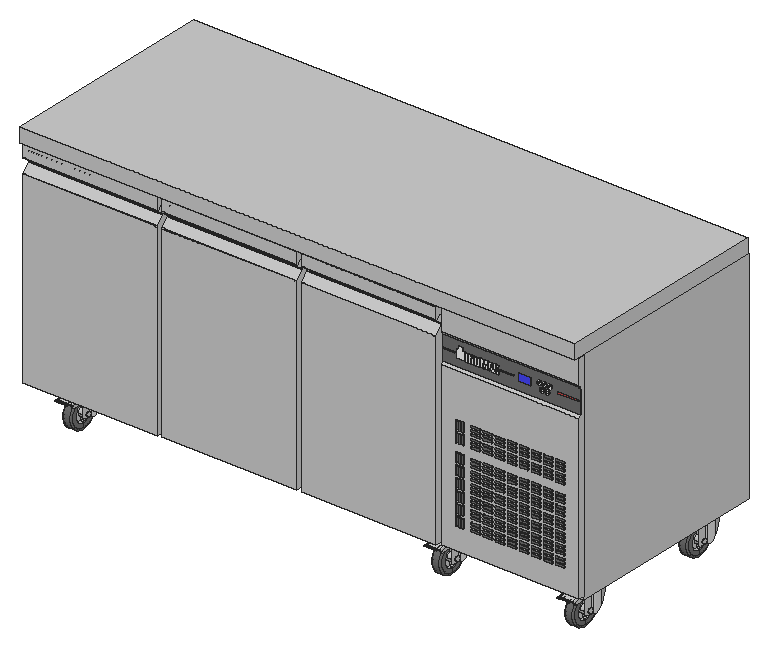
Revit family "QF_INOMAK_PNRP999_250523032323", category Specialty Equipment, Revit 2021 (continued)
Definition of nested family "QF_INOMAK_REF_COUNTERS_DOORS_DRAWERS_16430"
  Definition of nested family "4_Drawers_1-4"
    Forms (mm)
      Extrusion 1, solid, material <- "Finish", visible <- "4 Drawers"
        sketch origin (35, 0, -1) x (0, -1, 0) y (0, 0, 1)
          loop
            arc (680, 1044) -> (684.95, 1041.95) -> (687, 1037) r 7
            line (687, 1037) -> (687, 1031.988) -> (690, 1031.988) -> (690, 1037)
            arc (690, 1037) -> (687.071, 1044.071) -> (680, 1047) r 10
        from 0 to -1130
      Extrusion 2, solid, visible <- "4 Drawers", detail levels coarse
        sketch origin (0, -640.463, 826.083) x (0, 1, 0) y (-1, 0, 0)
          loop
            line (-49.537, -35) -> (-624.537, -35) -> (-624.537, -1165) -> (-49.537, -1165) -> (-49.537, -35)
        from 0 to 219.917
      Extrusion 3, solid, visible <- "4 Drawers", detail levels coarse
        sketch origin (0, -700, 154) x (-1, 0, 0) y (0, 1, 0)
          loop
            line (-35, 10) -> (-1165, 10) -> (-1165, -565) -> (-35, -565) -> (-35, 10)
        from 0 to -219.583
      Extrusion 4, solid, material <- "Finish", visible <- "4 Drawers"
        sketch origin (35, 0, -440.333) x (0, -1, 0) y (0, 0, 1)
          loop
            line (680, 813.917) -> (670, 813.917) -> (670, 594.333) -> (690, 594.333) -> (690, 757.761)
            arc (690, 757.761) -> (689.115, 763.644) -> (686.539, 769.007) r 20
            line (686.539, 769.007) -> (673, 788.917) -> (673, 810.917) -> (680, 810.917)
            arc (680, 810.917) -> (684.95, 808.866) -> (687, 803.917) r 7
            line (687, 803.917) -> (687, 798.904) -> (690, 798.904) -> (690, 803.917)
            arc (690, 803.917) -> (687.071, 810.988) -> (680, 813.917) r 10
        from 0 to -1130
      Extrusion 5, solid, material <- "Finish", visible <- "4 Drawers"
        sketch origin (35, 0, -165.333) x (0, -1, 0) y (0, 0, 1)
          loop
            line (680, 987.75) -> (670, 987.75) -> (670, 767.167) -> (690, 767.167) -> (690, 931.594)
            arc (690, 931.594) -> (689.115, 937.478) -> (686.539, 942.84) r 20
            line (686.539, 942.84) -> (673, 962.75) -> (673, 984.75) -> (680, 984.75)
            arc (680, 984.75) -> (684.95, 982.7) -> (687, 977.75) r 7
            line (687, 977.75) -> (687, 972.738) -> (690, 972.738) -> (690, 977.75)
            arc (690, 977.75) -> (687.071, 984.821) -> (680, 987.75) r 10
        from 0 to -1130
      Extrusion 6, solid, material <- "Finish", visible <- "4 Drawers"
        sketch origin (35, 0, -330.333) x (0, -1, 0) y (0, 0, 1)
          loop
            line (680, 928.5) -> (670, 928.5) -> (670, 708.25) -> (690, 708.25) -> (690, 872.344)
            arc (690, 872.344) -> (689.115, 878.228) -> (686.539, 883.59) r 20
            line (686.539, 883.59) -> (673, 903.5) -> (673, 925.5) -> (680, 925.5)
            arc (680, 925.5) -> (684.95, 923.45) -> (687, 918.5) r 7
            line (687, 918.5) -> (687, 913.488) -> (690, 913.488) -> (690, 918.5)
            arc (690, 918.5) -> (687.071, 925.571) -> (680, 928.5) r 10
        from 0 to -1130
      Extrusion 7, solid, visible <- "4 Drawers", detail levels coarse
        sketch origin (0, -500.463, 601.833) x (0, 1, 0) y (-1, 0, 0)
          loop
            line (-189.537, -35) -> (-764.537, -35) -> (-764.537, -1165) -> (-189.537, -1165) -> (-189.537, -35)
        from 0 to 220.583
      Extrusion 8, solid, visible <- "4 Drawers", detail levels coarse
        sketch origin (0, -540.463, 377.917) x (0, 1, 0) y (-1, 0, 0)
          loop
            line (-149.537, -35) -> (-724.537, -35) -> (-724.537, -1165) -> (-149.537, -1165) -> (-149.537, -35)
        from 0 to 220.25
    Lines and regions (mm)
      symbolic lines, visible <- "4 Drawers"
        curve 1: line (35, -945, 900) -> (35, -985, 900)
        curve 2: line (35, -985, 900) -> (1165, -985, 900)
        curve 3: line (1165, -985, 900) -> (1165, -945, 900)
        curve 4: line (1165, -945, 900) -> (35, -945, 900)
        curve 5: line (1135, -945, 900) -> (1135, -845, 900)
        curve 6: line (65, -945, 900) -> (65, -845, 900)
        curve 7: line (35, -1085, 900) -> (35, -1125, 900)
        curve 8: line (35, -1125, 900) -> (1165, -1125, 900)
        curve 9: line (1165, -1125, 900) -> (1165, -1085, 900)
        curve 10: line (1165, -1085, 900) -> (35, -1085, 900)
        curve 11: line (1135, -1085, 900) -> (1135, -985, 900)
        curve 12: line (65, -1085, 900) -> (65, -985, 900)
        curve 13: line (35, -1225, 900) -> (35, -1265, 900)
        curve 14: line (35, -1265, 900) -> (1165, -1265, 900)
        curve 15: line (1165, -1265, 900) -> (1165, -1225, 900)
        curve 16: line (1165, -1225, 900) -> (35, -1225, 900)
        curve 17: line (1135, -1225, 900) -> (1135, -1125, 900)
        curve 18: line (65, -1225, 900) -> (65, -1125, 900)
        curve 19: line (35, -805, 900) -> (35, -845, 900)
        curve 20: line (35, -845, 900) -> (1165, -845, 900)
        curve 21: line (1165, -845, 900) -> (1165, -805, 900)
        curve 22: line (1165, -805, 900) -> (35, -805, 900)
        curve 23: line (65, -805, 900) -> (65, -700, 900)
        curve 24: line (1135, -805, 900) -> (1135, -700, 900)
    Dimensions and locks
      "Length Actual": plane 3 "Left" to plane 4 "Right"
      "Depth Actual": plane 5 "Front" to plane 1 "Back"
      "Height Actual": plane 6 "Top" to plane 8 "Legs top"
      "Front inset": plane 7 "Front legs" to plane 5 "Front"
      "Plinth height": plane 8 "Legs top" to plane 2
      "Rear inset": plane 9 "Backsplash thickness" to plane 1 "Back"
      "Right panel thickness": plane 11 "Right panel" to plane 4 "Right"
      "Left panel thickness": plane 3 "Left" to plane 10 "Left panel"
      locked: plane 14 to plane 15 at 3.667
      equal spacing: plane 14, plane 12, plane 15
      locked: plane 23 to plane 24 at 3.667
      equal spacing: plane 23, plane 22, plane 24
      "Bottom inset": plane 20 to plane 8 "Legs top"
      equal spacing: plane 19, plane 17, plane 18
      locked: plane 19 to plane 18 at 4.333
      equal spacing: plane 21, plane 17, plane 22, plane 12, plane 16
      locked: plane 13 to plane 16 at 2.5
      "Top inset": plane 13 to plane 6 "Top"
      locked: plane 21 to plane 20 at 2.5
      aligned and locked: level to plane 2
      aligned and locked: plane 7 "Front legs" to Extrusion 1 sketch curve  (x2)
      aligned and locked: Extrusion 1 to plane 11 "Right panel"
      aligned and locked: Extrusion 1 sketch curve to plane 13
      aligned and locked: Extrusion 1 sketch curve to plane 14
      aligned and locked: plane 10 "Left panel" to curve 1
      aligned and locked: plane 10 "Left panel" to curve 7
      aligned and locked: plane 10 "Left panel" to curve 13
      aligned and locked: Extrusion 2 sketch curve to plane 10 "Left panel"
      aligned and locked: plane 11 "Right panel" to Extrusion 2 sketch curve
      aligned and locked: Extrusion 3 sketch curve to plane 10 "Left panel"
      aligned and locked: plane 11 "Right panel" to Extrusion 3 sketch curve
      aligned and locked: Extrusion 2 to plane 13
      aligned and locked: Extrusion 3 to plane 19
      aligned and locked: plane 20 to Extrusion 4 sketch curve
      aligned and locked: Extrusion 4 to plane 11 "Right panel"
      aligned and locked: Extrusion 5 sketch curve to plane 15
      aligned and locked: plane 7 "Front legs" to Extrusion 5 sketch curve
      aligned and locked: Extrusion 5 sketch curve to plane 23
      aligned and locked: Extrusion 6 sketch curve to plane 24
      aligned and locked: plane 7 "Front legs" to Extrusion 6 sketch curve
      aligned and locked: Extrusion 6 sketch curve to plane 18
      aligned and locked: Extrusion 7 to plane 15
      aligned and locked: Extrusion 8 to plane 24
      aligned and locked: Extrusion 5 to plane 11 "Right panel"
      aligned and locked: Extrusion 6 to plane 11 "Right panel"
    Automatic sketch dimensions
      Extrusion 1 sketch curve to Extrusion 1 sketch curve = 0 mm  (x2)
      plane 7 "Front legs" to Extrusion 1 sketch curve = 3 mm
      plane 7 "Front legs" to Extrusion 1 sketch curve = 3.461 mm
      plane 7 "Front legs" to Extrusion 1 sketch curve = 10 mm
      Extrusion 1 sketch curve to Extrusion 1 sketch curve = 7 mm
      plane 7 "Front legs" to Extrusion 1 sketch curve = 20 mm  (x2)
      Extrusion 1 sketch curve to Extrusion 1 sketch curve = 46.156 mm
      Extrusion 1 sketch curve to Extrusion 1 sketch curve = 15 mm
      Extrusion 1 sketch curve to Extrusion 1 sketch curve = 5.012 mm
      Extrusion 2 sketch curve to plane 7 "Front legs" = 0 mm
      Extrusion 2 sketch curve to plane 5 "Front" = 565 mm
      Extrusion 3 sketch curve to plane 7 "Front legs" = 0 mm
      Extrusion 3 sketch curve to plane 5 "Front" = 565 mm
      Extrusion 5 sketch curve to Extrusion 5 sketch curve = 0 mm  (x2)
      Extrusion 5 sketch curve to plane 7 "Front legs" = 0 mm
      plane 7 "Front legs" to Extrusion 5 sketch curve = 3 mm
      plane 7 "Front legs" to Extrusion 5 sketch curve = 3.461 mm
      plane 7 "Front legs" to Extrusion 5 sketch curve = 10 mm
      Extrusion 5 sketch curve to Extrusion 5 sketch curve = 7 mm
      plane 7 "Front legs" to Extrusion 5 sketch curve = 20 mm  (x2)
      Extrusion 5 sketch curve to Extrusion 5 sketch curve = 46.156 mm
      Extrusion 5 sketch curve to Extrusion 5 sketch curve = 15 mm
      Extrusion 5 sketch curve to Extrusion 5 sketch curve = 5.012 mm
      Extrusion 6 sketch curve to Extrusion 6 sketch curve = 0 mm  (x2)
      Extrusion 6 sketch curve to plane 7 "Front legs" = 0 mm
      plane 7 "Front legs" to Extrusion 6 sketch curve = 3 mm
      plane 7 "Front legs" to Extrusion 6 sketch curve = 3.461 mm
      plane 7 "Front legs" to Extrusion 6 sketch curve = 10 mm
      Extrusion 6 sketch curve to Extrusion 6 sketch curve = 7 mm
      plane 7 "Front legs" to Extrusion 6 sketch curve = 20 mm  (x2)
      Extrusion 6 sketch curve to Extrusion 6 sketch curve = 46.156 mm
      Extrusion 6 sketch curve to Extrusion 6 sketch curve = 15 mm
      Extrusion 6 sketch curve to Extrusion 6 sketch curve = 5.012 mm
      curve 14 to plane 11 "Right panel" = 0 mm
      curve 8 to plane 11 "Right panel" = 0 mm
      curve 2 to plane 11 "Right panel" = 0 mm
      curve 21 to plane 11 "Right panel" = 0 mm
      curve 20 to plane 10 "Left panel" = 0 mm
      curve 23 to plane 5 "Front" = 0 mm
      curve 24 to plane 5 "Front" = 0 mm
      curve 21 to plane 5 "Front" = 105 mm
      curve 20 to curve 21 = 40 mm
      curve 3 to curve 20 = 100 mm
      curve 3 to curve 3 = 40 mm
      curve 10 to curve 1 = 100 mm
      curve 9 to curve 9 = 40 mm
      curve 15 to curve 8 = 100 mm
      curve 15 to curve 15 = 40 mm
      plane 11 "Right panel" to curve 24 = 30 mm
      curve 8 to curve 17 = 30 mm
      curve 11 to curve 17 = 0 mm
      curve 23 to plane 10 "Left panel" = 30 mm
      curve 12 to curve 6 = 0 mm
      curve 18 to curve 12 = 0 mm
      Extrusion 4 sketch curve to Extrusion 4 sketch curve = 0 mm  (x2)
      plane 19 to Extrusion 4 sketch curve = 0 mm
      Extrusion 4 sketch curve to plane 7 "Front legs" = 0 mm  (x2)
      plane 7 "Front legs" to Extrusion 4 sketch curve = 3 mm
      plane 7 "Front legs" to Extrusion 4 sketch curve = 3.461 mm
      plane 7 "Front legs" to Extrusion 4 sketch curve = 10 mm
      Extrusion 4 sketch curve to Extrusion 4 sketch curve = 7 mm
      plane 7 "Front legs" to Extrusion 4 sketch curve = 20 mm  (x2)
      Extrusion 4 sketch curve to Extrusion 4 sketch curve = 46.156 mm
      Extrusion 4 sketch curve to Extrusion 4 sketch curve = 15 mm
      Extrusion 4 sketch curve to Extrusion 4 sketch curve = 5.012 mm
      Extrusion 7 sketch curve to plane 10 "Left panel" = 0 mm
      Extrusion 7 sketch curve to plane 11 "Right panel" = 0 mm
      Extrusion 7 sketch curve to plane 7 "Front legs" = 0 mm
      Extrusion 7 sketch curve to plane 5 "Front" = 565 mm
      Extrusion 8 sketch curve to plane 10 "Left panel" = 0 mm
      Extrusion 8 sketch curve to plane 11 "Right panel" = 0 mm
      Extrusion 8 sketch curve to plane 7 "Front legs" = 0 mm
      Extrusion 8 sketch curve to plane 5 "Front" = 565 mm
      curve 6 to plane 10 "Left panel" = 30 mm
      curve 5 to curve 24 = 0 mm
  Definition of nested family "Hinged_Doors"
    Parameters (values of type "Hinged doors")
      URL = "www.specifiglobal.com"
      Top inset [instance] = 4 mm
      Right panel thickness [instance] = 35 mm
      Rear inset [instance] = 10 mm
      Plinth height [instance] = 150 mm
      Model = ""
      Manufacturer = "DEMO CONSULTANT"
      Length Actual [instance] = 1200 mm
      Left panel thickness [instance] = 35 mm
      Hinged doors [instance] = Doors drawers type = 3  # yes
      Height Actual [instance] = 900 mm
      Front inset [instance] = 10 mm
      Finish [instance] = none
      Doors drawers type [instance] = 3
      Description = ""
      Depth Actual [instance] = 700 mm
      Default Elevation = 0 mm
      Bottom inset [instance] = 4 mm
      Assembly Code = "E1090320"
    Reference planes
      plane 1 "Back": y = 0
      plane 2: z = 0
      plane 3 "Left": x = 0
      plane 4 "Right": x = 1200
      plane 5 "Front": y = -700
      plane 6 "Top": z = 1050
      plane 7 "Front legs": y = -690
      plane 8 "Legs top": z = 150
      plane 9 "Backsplash thickness": y = -10
      plane 10: x = 35
      plane 11: x = 1165
      plane 12 "Center Left-Right": x = 600
      plane 13: x = 597.5
      plane 14: x = 602.5
      plane 15: z = 154
      plane 16: z = 1046
    Forms (mm)
      Extrusion 1, solid, material <- "Finish", visible <- "Hinged doors"
        sketch origin (35, -2307.849, 4000) x (0, -1, 0) y (0, 0, 1)
          loop
            line (-1627.849, -2954) -> (-1637.849, -2954) -> (-1637.849, -3846) -> (-1617.849, -3846) -> (-1617.849, -3010.156)
            arc (-1617.849, -3010.156) -> (-1618.734, -3004.272) -> (-1621.31, -2998.91) r 20
            line (-1621.31, -2998.91) -> (-1634.849, -2979) -> (-1634.849, -2957) -> (-1627.849, -2957)
            arc (-1627.849, -2957) -> (-1622.899, -2959.05) -> (-1620.849, -2964) r 7
            line (-1620.849, -2964) -> (-1620.849, -2969.012) -> (-1617.849, -2969.012) -> (-1617.849, -2964)
            arc (-1617.849, -2964) -> (-1620.778, -2956.929) -> (-1627.849, -2954) r 10
        from 0 to -562.5
      Extrusion 2, solid, visible <- "Hinged doors", detail levels coarse
        sketch origin (0, -700, 154) x (-1, 0, 0) y (0, 1, 0)
          loop
            line (-35, 10) -> (-597.5, 10)
            arc (-597.5, 10) -> (-432.748, -387.748) -> (-35, -552.5) r 562.5
            line (-35, -552.5) -> (-35, 10)
        from 0 to -892
      Extrusion 3, solid, material <- "Finish", visible <- "Hinged doors"
        sketch origin (1165, -2312.576, 4000) x (0, -1, 0) y (0, 0, 1)
          loop
            line (-1632.576, -2954) -> (-1642.576, -2954) -> (-1642.576, -3846) -> (-1622.576, -3846) -> (-1622.576, -3010.156)
            arc (-1622.576, -3010.156) -> (-1623.46, -3004.272) -> (-1626.037, -2998.91) r 20
            line (-1626.037, -2998.91) -> (-1639.576, -2979) -> (-1639.576, -2957) -> (-1632.576, -2957)
            arc (-1632.576, -2957) -> (-1627.626, -2959.05) -> (-1625.576, -2964) r 7
            line (-1625.576, -2964) -> (-1625.576, -2969.012) -> (-1622.576, -2969.012) -> (-1622.576, -2964)
            arc (-1622.576, -2964) -> (-1625.504, -2956.929) -> (-1632.576, -2954) r 10
        from 0 to 562.5
      Extrusion 4, solid, visible <- "Hinged doors", detail levels coarse
        sketch origin (0, -700, 154) x (-1, 0, 0) y (0, 1, 0)
          loop
            line (-1165, 10) -> (-1165, -552.5)
            arc (-1165, -552.5) -> (-767.252, -387.748) -> (-602.5, 10) r 562.5
            line (-602.5, 10) -> (-1165, 10)
        from 0 to -892
    Lines and regions (mm)
      symbolic lines, visible <- "Hinged doors"
        curve 1: line (35, -700, 150) -> (35, -1252.5, 150)
        curve 2: arc (35, -1252.5, 150) -> (429.196, -1091.268, 150) -> (597.411, -700, 150) r 562.5
        curve 3: arc (602.589, -700, 150) -> (770.804, -1091.268, 150) -> (1165, -1252.5, 150) r 562.5
        curve 4: line (1165, -1252.5, 150) -> (1165, -700, 150)
    Dimensions and locks
      "Length Actual": plane 3 "Left" to plane 4 "Right"
      "Depth Actual": plane 5 "Front" to plane 1 "Back"
      "Height Actual": plane 6 "Top" to plane 8 "Legs top"
      "Front inset": plane 7 "Front legs" to plane 5 "Front"
      "Plinth height": plane 8 "Legs top" to plane 2
      "Rear inset": plane 9 "Backsplash thickness" to plane 1 "Back"
      "Right panel thickness": plane 11 to plane 4 "Right"
      "Left panel thickness": plane 3 "Left" to plane 10
      equal spacing: plane 10, plane 12 "Center Left-Right", plane 11
      plane 13 to plane 12 "Center Left-Right" = 2.5 mm
      plane 12 "Center Left-Right" to plane 14 = 2.5 mm
      "Bottom inset": plane 15 to plane 8 "Legs top"
      "Top inset": plane 16 to plane 6 "Top"
      aligned and locked: level to plane 2
      aligned and locked: Extrusion 1 to plane 13
      aligned and locked: plane 10 to Extrusion 2 sketch curve
      aligned and locked: plane 13 to Extrusion 2 sketch curve
      aligned and locked: plane 7 "Front legs" to Extrusion 2 sketch curve  (x2)
      aligned and locked: plane 14 to Extrusion 3
      aligned and locked: Extrusion 2 to curve 1
      aligned and locked: curve 2 to Extrusion 2
      aligned and locked: curve 3 to Extrusion 4
      aligned and locked: curve 4 to Extrusion 4
      aligned and locked: plane 5 "Front" to curve 1
      aligned and locked: plane 5 "Front" to curve 2
      aligned and locked: plane 5 "Front" to curve 3
      aligned and locked: plane 5 "Front" to curve 4
      aligned and locked: Extrusion 4 to plane 16
      aligned and locked: Extrusion 2 to plane 16
      aligned and locked: Extrusion 1 sketch curve to plane 16
      aligned and locked: Extrusion 1 sketch curve to plane 15
      aligned and locked: Extrusion 3 sketch curve to plane 15
      aligned and locked: Extrusion 3 sketch curve to plane 16
    Automatic sketch dimensions
      Extrusion 1 sketch curve to Extrusion 1 sketch curve = 0 mm  (x2)
      Extrusion 1 sketch curve to plane 7 "Front legs" = 0 mm  (x2)
      plane 7 "Front legs" to Extrusion 1 sketch curve = 3 mm
      plane 7 "Front legs" to Extrusion 1 sketch curve = 3.461 mm
      plane 7 "Front legs" to Extrusion 1 sketch curve = 10 mm
      Extrusion 1 sketch curve to Extrusion 1 sketch curve = 7 mm
      plane 7 "Front legs" to Extrusion 1 sketch curve = 20 mm  (x2)
      Extrusion 1 sketch curve to Extrusion 1 sketch curve = 46.156 mm
      Extrusion 1 sketch curve to Extrusion 1 sketch curve = 15 mm
      Extrusion 1 sketch curve to Extrusion 1 sketch curve = 5.012 mm
      Extrusion 3 sketch curve to Extrusion 3 sketch curve = 0 mm  (x2)
      Extrusion 3 sketch curve to plane 7 "Front legs" = 0 mm  (x2)
      Extrusion 3 sketch curve to Extrusion 3 sketch curve = 3 mm
      plane 7 "Front legs" to Extrusion 3 sketch curve = 3.461 mm
      plane 7 "Front legs" to Extrusion 3 sketch curve = 10 mm
      Extrusion 3 sketch curve to Extrusion 3 sketch curve = 7 mm
      Extrusion 3 sketch curve to Extrusion 3 sketch curve = 16.539 mm
      Extrusion 3 sketch curve to Extrusion 3 sketch curve = 20 mm
      Extrusion 3 sketch curve to Extrusion 3 sketch curve = 46.156 mm
      Extrusion 3 sketch curve to Extrusion 3 sketch curve = 15 mm
      Extrusion 3 sketch curve to Extrusion 3 sketch curve = 5.012 mm
      Extrusion 4 sketch curve to plane 11 = 0 mm
      Extrusion 4 sketch curve to plane 7 "Front legs" = 0 mm
      Extrusion 4 sketch curve to plane 14 = 0 mm
  Definition of nested family "Hopper"
    Parameters (values of type "Hopper")
      URL = "www.specifiglobal.com"
      Top inset [instance] = 4 mm
      Right panel thickness [instance] = 35 mm
      Rear inset [instance] = 10 mm
      Plinth height [instance] = 150 mm
      Model = ""
      Manufacturer = "DEMO CONSULTANT"
      Length Actual [instance] = 700 mm
      Left panel thickness [instance] = 35 mm
      Hopper [instance] = Doors drawers type = 10  # yes
      Height Actual [instance] = 900 mm
      Front inset [instance] = 10 mm
      Finish [instance] = none
      Doors drawers type [instance] = 10
      Description = ""
      Depth Actual [instance] = 700 mm
      Default Elevation = 0 mm
      Bottom inset [instance] = 4 mm
      Assembly Code = "E1090320"
      2 Drawers = yes
    Reference planes
      plane 1 "Back": y = 0
      plane 2: z = 0
      plane 3 "Left": x = 0
      plane 4 "Right": x = 700
      plane 5 "Front": y = -700
      plane 6 "Top": z = 1050
      plane 7 "Front legs": y = -690
      plane 8 "Legs top": z = 150
      plane 9 "Backsplash thickness": y = -10
      plane 10 "Left panel": x = 35
      plane 11 "Right panel": x = 665
      plane 12: z = 1046
      plane 13: z = 154
    Forms (mm)
      Extrusion 1, solid, material <- "Finish", visible <- "Hopper"
        sketch origin (35, 0, 0) x (0, -1, 0) y (0, 0, 1)
          loop
            line (690, 154) -> (690, 960.365)
            arc (690, 960.365) -> (689.866, 961.037) -> (689.485, 961.607) r 1.757
            line (689.485, 961.607) -> (666.663, 984.429)
            arc (666.663, 984.429) -> (665.976, 985.458) -> (665.734, 986.672) r 3.172
            line (665.734, 986.672) -> (665.734, 1013.576)
            arc (665.734, 1013.576) -> (666.433, 1015.262) -> (668.119, 1015.961) r 2.385
            line (668.119, 1015.961) -> (680.029, 1015.961) -> (686.544, 1006.657)
            arc (686.544, 1006.657) -> (688.671, 1005.935) -> (690, 1007.747) r 1.9
            line (690, 1007.747) -> (690, 1046) -> (648, 1046) -> (648, 154) -> (690, 154)
        from 0 to -630
      Extrusion 2, solid, visible <- "Hopper", detail levels coarse
        sketch origin (35, 0, 0) x (0, -1, 0) y (0, 0, 1)
          loop
            line (690, 154) -> (1265, 154) -> (1265, 1046) -> (690, 1046) -> (690, 154)
        from 0 to -630
    Lines and regions (mm)
      symbolic lines, visible <- "Hopper"
        curve 1: line (35, -1225, 900) -> (35, -1265, 900)
        curve 2: line (35, -1265, 900) -> (665, -1265, 900)
        curve 3: line (665, -1265, 900) -> (665, -1225, 900)
        curve 4: line (665, -1225, 900) -> (35, -1225, 900)
        curve 5: line (635, -1225, 900) -> (635, -700, 900)
        curve 6: line (65, -1225, 900) -> (65, -700, 900)
    Dimensions and locks
      "Length Actual": plane 3 "Left" to plane 4 "Right"
      "Depth Actual": plane 5 "Front" to plane 1 "Back"
      "Height Actual": plane 6 "Top" to plane 8 "Legs top"
      "Front inset": plane 7 "Front legs" to plane 5 "Front"
      "Plinth height": plane 8 "Legs top" to plane 2
      "Rear inset": plane 9 "Backsplash thickness" to plane 1 "Back"
      "Right panel thickness": plane 11 "Right panel" to plane 4 "Right"
      "Left panel thickness": plane 3 "Left" to plane 10 "Left panel"
      "Top inset": plane 12 to plane 6 "Top"
      "Bottom inset": plane 13 to plane 8 "Legs top"
      aligned and locked: level to plane 2
      aligned and locked: Extrusion 1 to plane 11 "Right panel"
      aligned and locked: Extrusion 2 to plane 11 "Right panel"
      aligned and locked: plane 10 "Left panel" to Extrusion 2
      aligned and locked: Extrusion 1 sketch curve to plane 12
      aligned and locked: Extrusion 1 sketch curve to Extrusion 2
      aligned and locked: Extrusion 1 sketch curve to plane 13
    Automatic sketch dimensions
      Extrusion 1 sketch curve to Extrusion 1 sketch curve = 17.734 mm
      Extrusion 1 sketch curve to Extrusion 1 sketch curve = 0.929 mm
      Extrusion 1 sketch curve to Extrusion 1 sketch curve = 2.385 mm
      Extrusion 1 sketch curve to Extrusion 1 sketch curve = 3.172 mm
      Extrusion 1 sketch curve to Extrusion 1 sketch curve = 11.91 mm
      Extrusion 1 sketch curve to Extrusion 1 sketch curve = 6.515 mm
      Extrusion 1 sketch curve to Extrusion 1 sketch curve = 1.556 mm
      Extrusion 1 sketch curve to Extrusion 1 sketch curve = 21.58 mm
      Extrusion 1 sketch curve to Extrusion 1 sketch curve = 1.242 mm
      Extrusion 1 sketch curve to Extrusion 1 sketch curve = 1.9 mm
      Extrusion 1 sketch curve to Extrusion 1 sketch curve = 0.515 mm
      Extrusion 1 sketch curve to Extrusion 1 sketch curve = 22.822 mm
      Extrusion 1 sketch curve to Extrusion 1 sketch curve = 19.985 mm
      Extrusion 1 sketch curve to Extrusion 1 sketch curve = 6.919 mm
      Extrusion 1 sketch curve to Extrusion 1 sketch curve = 30.039 mm
      Extrusion 2 sketch curve to plane 7 "Front legs" = 0 mm
      plane 13 to Extrusion 2 sketch curve = 0 mm
      plane 12 to Extrusion 2 sketch curve = 0 mm
      Extrusion 2 sketch curve to plane 5 "Front" = 565 mm
      curve 1 to plane 10 "Left panel" = 0 mm
      curve 2 to plane 11 "Right panel" = 0 mm
      curve 6 to plane 5 "Front" = 0 mm
      curve 5 to plane 5 "Front" = 0 mm
      curve 4 to plane 5 "Front" = 525 mm
      curve 3 to curve 3 = 40 mm
      plane 11 "Right panel" to curve 5 = 30 mm
      curve 6 to plane 10 "Left panel" = 30 mm
Definition of nested family "QF_INOMAK_REF_COUNTERS_DOORS_DRAWERS_25901"
  Parameters (values of type "DR-LX-710")
    Weight [instance] = 0.00 kg
    Warranty Start Date [instance] = ""
    Warranty Duration [instance] = ""
    URL Cutsheet [instance] = ""
    URL = "www.inomak.com"
    Top inset [instance] = 10 mm
    Technical Documentation [instance] = ""
    Tag Number [instance] = ""
    Status [instance] = ""
    Specification by User [instance] = ""
    Specification by Manufacturer [instance] = ""
    Sound Level [instance] = ""
    Solid Fuel Type [instance] = ""
    Show Logo [instance] = yes
    Show Clearances [instance] = yes
    Service Life Duration [instance] = ""
    Serial Number [instance] = ""
    Seismic Rating [instance] = ""
    SMACNA No [instance] = ""
    Right panel thickness [instance] = 0 mm
    Revision Code [instance] = ""
    Revision [instance] = ""
    Rear inset [instance] = 0 mm
    Production Year [instance] = ""
    Point Load [instance] = 0
    Plinth height [instance] = 0 mm
    Other Equipment Approvals [instance] = ""
    NAFEM Spec ID Number [instance] = ""
    Model Warning [instance] = ""
    Model = "DR-LX-710"
    Masterspec [instance] = ""
    Manufacturer = "INOMAK"
    Length Actual [instance] = 435 mm
    Left panel thickness [instance] = 0 mm
    Item Number [instance] = ""
    Installed By [instance] = ""
    Installation Date [instance] = ""
    Identify Quantity as Lot [instance] = yes
    ID [instance] = ""
    Hygiene Approval [instance] = ""
    Height Actual [instance] = 710 mm
    Furnished By [instance] = ""
    Front inset [instance] = 10 mm
    Foodservice Equipment Identifier [instance] = yes
    Finish [instance] = none
    ETL Approved [instance] = yes
    Doors drawers type [instance] = 8
    Description = "LEFT HINGED DOOR"
    Depth Actual [instance] = 700 mm
    Default Elevation = 0 mm
    CSI MasterFormat [instance] = ""
    CE Approved [instance] = yes
    Bottom inset [instance] = 10 mm
    Barcode [instance] = ""
    Author [instance] = ""
    Asset Identifier [instance] = ""
    Assembly Code = "E1090320"
    Accessory [instance] = yes
  Types (9, lengths in mm): name | Model | Height Actual | Doors drawers type | Description
    DW-2-710 | "DW-2-710" | 710 | 4 | "2 X GN 1/2 DRAWERS"
    DR-LX-710 | "DR-LX-710" | 710 | 8 | "LEFT HINGED DOOR"
    DR-RX-710 | "DR-RX-710" | 710 | 9 | "RIGHT HINGED DOOR"
    DW-3-710 | "DW-3-710" | 710 | 6 | "3 X GN 1/3 DRAWERS"
    DW-B-710 | "DW-B-710" | 710 | 5 | "1 X GN 1/3 & 1 X GN 2/3 DRAWERS"
    DW-2-483 | "DW-2-483" | 483 | 4 | "2 X GN 1/3 DRAWERS"
    DR-LX-483 | "DR-LX-483" | 483 | 8 | "LEFT HINGED DOOR"
    DR-RX-483 | "DR-RX-483" | 483 | 9 | "RIGHT HINGED DOOR"
    DW-1-483 | "DW-1-483" | 483 | 10 | "1 X GN 2/3 DRAWER"
  Reference planes
    plane 1 "Front": y = 0
    plane 2: z = 0
    plane 3 "Left": x = 0
    plane 4 "Right": x = 435
    plane 5 "Back": y = 700
    plane 6 "Top": z = 710
    plane 7 "Bottom shelf": z = 0
    plane 8: z = 700
    plane 9: z = 10
    plane 10: x = 0
    plane 11: x = 435
    plane 12 "Center Top Bottom": z = 355
  Lines and regions (mm)
    reference lines
      curve 1: line (0, 0, 355) -> (0, 25, 355)
      curve 2: line (435, 0, 355) -> (435, 25, 355)
      curve 3: line (0, 700, 355) -> (435, 700, 355)
      curve 4: line (0, 0, 355) -> (435, 0, 355)
  Dimensions and locks
    "Length Actual": plane 3 "Left" to plane 4 "Right"
    "Depth Actual": plane 1 "Front" to plane 5 "Back"
    "Height Actual": plane 6 "Top" to plane 7 "Bottom shelf"
    "Plinth height": plane 7 "Bottom shelf" to plane 2
    "Top inset": plane 6 "Top" to plane 8
    "Bottom inset": plane 9 to plane 7 "Bottom shelf"
    "Left panel thickness": plane 3 "Left" to plane 10
    "Right panel thickness": plane 11 to plane 4 "Right"
    equal spacing: plane 6 "Top", plane 12 "Center Top Bottom", plane 7 "Bottom shelf"
    "Length Actual": curve 1 to plane 4 "Right"
    "Length Actual": plane 3 "Left" to curve 2
    "Depth Actual": plane 1 "Front" to curve 3
    "Depth Actual": plane 5 "Back" to curve 4
    aligned and locked: level to plane 2
    aligned and locked: plane 3 "Left" to nested 1
    aligned and locked: plane 3 "Left" to nested 2
    aligned and locked: plane 3 "Left" to nested 3
    aligned and locked: plane 3 "Left" to nested 4
    aligned and locked: plane 3 "Left" to nested 5
    aligned and locked: plane 3 "Left" to nested 6
    aligned and locked: plane 3 "Left" to nested 7
    aligned and locked: plane 3 "Left" to nested 8
    aligned and locked: plane 3 "Left" to nested 9
    aligned and locked: nested 4 to plane 1 "Front"
    aligned and locked: nested 6 to plane 1 "Front"
    aligned and locked: nested 8 to plane 1 "Front"
    aligned and locked: nested 5 to plane 1 "Front"
    aligned and locked: nested 3 to plane 1 "Front"
    aligned and locked: nested 7 to plane 1 "Front"
    aligned and locked: nested 2 to plane 1 "Front"
    aligned and locked: nested 1 to plane 1 "Front"
    aligned and locked: nested 9 to plane 1 "Front"
  Automatic sketch dimensions
    curve 3 to plane 4 "Right" = 0 mm
    curve 3 to plane 3 "Left" = 0 mm
    curve 2 to curve 2 = 25 mm
    curve 1 to curve 1 = 25 mm
  Nested families
    nested 1: "Right_Door" at (0, 700, 0), Depth Actual <- "Depth Actual", Height Actual <- "Height Actual", Length Actual <- "Length Actual", Front inset <- "Front inset", Rear inset <- "Rear inset", Left panel thickness <- "Left panel thickness", Right panel thickness <- "Right panel thickness", Doors drawers type <- "Doors drawers type", Plinth height <- "Plinth height", Top inset <- "Top inset", Bottom inset <- "Bottom inset", type "Right door"
      with Top inset 10 mm, Right panel thickness 0 mm, Right hand hinged door no, Rear inset 0 mm, Plinth height 0 mm, Length Actual 435 mm, Left panel thickness 0 mm, Height Actual 710 mm, Front inset 10 mm, Doors drawers type 8, Depth Actual 700 mm, Bottom inset 10 mm
    nested 2: "Left_Door" at (0, 700, 0), Depth Actual <- "Depth Actual", Height Actual <- "Height Actual", Length Actual <- "Length Actual", Front inset <- "Front inset", Rear inset <- "Rear inset", Left panel thickness <- "Left panel thickness", Right panel thickness <- "Right panel thickness", Doors drawers type <- "Doors drawers type", Plinth height <- "Plinth height", Top inset <- "Top inset", Bottom inset <- "Bottom inset", type "Left door"
      with Top inset 10 mm, Right panel thickness 0 mm, Rear inset 0 mm, Plinth height 0 mm, Length Actual 435 mm, Left panel thickness 0 mm, Left hand hinged door yes, Height Actual 710 mm, Front inset 10 mm, Doors drawers type 8, Depth Actual 700 mm, Bottom inset 10 mm
    nested 3: "3_Drawers_1-3" at (0, 700, 0), Depth Actual <- "Depth Actual", Height Actual <- "Height Actual", Length Actual <- "Length Actual", Front inset <- "Front inset", Rear inset <- "Rear inset", Left panel thickness <- "Left panel thickness", Right panel thickness <- "Right panel thickness", Doors drawers type <- "Doors drawers type", Plinth height <- "Plinth height", Top inset <- "Top inset", Bottom inset <- "Bottom inset", type "3 Drawers 1-3"
      with Top inset 10 mm, Right panel thickness 0 mm, Rear inset 0 mm, Plinth height 0 mm, Length Actual 435 mm, Left panel thickness 0 mm, Height Actual 710 mm, Front inset 10 mm, Doors drawers type 8, Depth Actual 700 mm, Bottom inset 10 mm, 3 Drawers no
    nested 4: "2_Drawers_1-2" at (0, 700, 0), Depth Actual <- "Depth Actual", Height Actual <- "Height Actual", Length Actual <- "Length Actual", Front inset <- "Front inset", Rear inset <- "Rear inset", Left panel thickness <- "Left panel thickness", Right panel thickness <- "Right panel thickness", Doors drawers type <- "Doors drawers type", Plinth height <- "Plinth height", Top inset <- "Top inset", Bottom inset <- "Bottom inset", type "2 Drawers 1-2"
      with Top inset 10 mm, Right panel thickness 0 mm, Rear inset 0 mm, Plinth height 0 mm, Length Actual 435 mm, Left panel thickness 0 mm, Height Actual 710 mm, Front inset 10 mm, Doors drawers type 8, Depth Actual 700 mm, Bottom inset 10 mm, 2 Drawers no
    nested 5: "2_Drawers_1-3_2-3" at (0, 700, 0), Depth Actual <- "Depth Actual", Height Actual <- "Height Actual", Length Actual <- "Length Actual", Front inset <- "Front inset", Rear inset <- "Rear inset", Left panel thickness <- "Left panel thickness", Right panel thickness <- "Right panel thickness", Doors drawers type <- "Doors drawers type", Plinth height <- "Plinth height", Top inset <- "Top inset", Bottom inset <- "Bottom inset", type "2 Drawers 1-3 and 2-3"
      with Top inset 10 mm, Right panel thickness 0 mm, Rear inset 0 mm, Plinth height 0 mm, Length Actual 435 mm, Left panel thickness 0 mm, Height Actual 710 mm, Front inset 10 mm, Doors drawers type 8, Depth Actual 700 mm, Bottom inset 10 mm, 2 Drawers 1-3 and 2-3 no
    nested 6: "Sliding_Doors" at (0, 700, 0), Depth Actual <- "Depth Actual", Height Actual <- "Height Actual", Length Actual <- "Length Actual", Front inset <- "Front inset", Rear inset <- "Rear inset", Left panel thickness <- "Left panel thickness", Right panel thickness <- "Right panel thickness", Doors drawers type <- "Doors drawers type", Plinth height <- "Plinth height", Top inset <- "Top inset", Bottom inset <- "Bottom inset", Finish <- "Finish", type "Sliding doors"
      with Top inset 10 mm, Sliding doors no, Right panel thickness 0 mm, Rear inset 0 mm, Plinth height 0 mm, Length Actual 435 mm, Left panel thickness 0 mm, Height Actual 710 mm, Front inset 10 mm, Finish none, Doors drawers type 8, Depth Actual 700 mm, Bottom inset 10 mm
    nested 7: "4_Drawers_1-4" at (0, 700, 0), Depth Actual <- "Depth Actual", Height Actual <- "Height Actual", Length Actual <- "Length Actual", Front inset <- "Front inset", Rear inset <- "Rear inset", Left panel thickness <- "Left panel thickness", Right panel thickness <- "Right panel thickness", Doors drawers type <- "Doors drawers type", Plinth height <- "Plinth height", Top inset <- "Top inset", Bottom inset <- "Bottom inset", Finish <- "Finish", type "4 Drawers 1-4"
      with Top inset 10 mm, Right panel thickness 0 mm, Rear inset 0 mm, Plinth height 0 mm, Length Actual 435 mm, Left panel thickness 0 mm, Height Actual 710 mm, Front inset 10 mm, Finish none, Doors drawers type 8, Depth Actual 700 mm, Bottom inset 10 mm, 4 Drawers no
    nested 8: "Hinged_Doors" at (0, 700, 0), Length Actual <- "Length Actual", Depth Actual <- "Depth Actual", Height Actual <- "Height Actual", Front inset <- "Front inset", Rear inset <- "Rear inset", Left panel thickness <- "Left panel thickness", Right panel thickness <- "Right panel thickness", Doors drawers type <- "Doors drawers type", Plinth height <- "Plinth height", Top inset <- "Top inset", Bottom inset <- "Bottom inset", Finish <- "Finish", type "Hinged doors"
      with Top inset 10 mm, Right panel thickness 0 mm, Rear inset 0 mm, Plinth height 0 mm, Length Actual 435 mm, Left panel thickness 0 mm, Hinged doors no, Height Actual 710 mm, Front inset 10 mm, Finish none, Doors drawers type 8, Depth Actual 700 mm, Bottom inset 10 mm
    nested 9: "Hopper" at (0, 700, 1.284), Length Actual <- "Length Actual", Depth Actual <- "Depth Actual", Height Actual <- "Height Actual", Front inset <- "Front inset", Rear inset <- "Rear inset", Left panel thickness <- "Left panel thickness", Right panel thickness <- "Right panel thickness", Doors drawers type <- "Doors drawers type", Plinth height <- "Plinth height", Top inset <- "Top inset", Bottom inset <- "Bottom inset", Finish <- "Finish", type "Hopper"
      with Top inset 10 mm, Right panel thickness 0 mm, Rear inset 0 mm, Plinth height 0 mm, Length Actual 435 mm, Left panel thickness 0 mm, Hopper no, Height Actual 710 mm, Front inset 10 mm, Finish none, Doors drawers type 8, Depth Actual 700 mm, Bottom inset 10 mm
  Definition of nested family "Left_Door"
    Parameters (values of type "Left door")
      URL = "www.specifiglobal.com"
      Top inset [instance] = 10 mm
      Right panel thickness [instance] = 0 mm
      Rear inset [instance] = 0 mm
      Plinth height [instance] = 150 mm
      Model = ""
      Manufacturer = "DEMO CONSULTANT"
      Length Actual [instance] = 700 mm
      Left panel thickness [instance] = 0 mm
      Left hand hinged door [instance] = Doors drawers type = 8  # yes
      Height Actual [instance] = 710 mm
      Front inset [instance] = 10 mm
      Finish = none
      Doors drawers type [instance] = 8
      Description = ""
      Depth Actual [instance] = 700 mm
      Default Elevation = 0 mm
      Bottom inset [instance] = 0 mm
      Assembly Code = "E1090320"
    Reference planes
      plane 1 "Back": y = 0
      plane 2: z = 0
      plane 3 "Left": x = 0
      plane 4 "Right": x = 700
      plane 5 "Front": y = -700
      plane 6 "Top": z = 860
      plane 7 "Front legs": y = -690
      plane 8 "Legs top": z = 150
      plane 9 "Backsplash thickness": y = 0
      plane 10 "Left panel": x = 0
      plane 11 "Right panel": x = 700
      plane 12: z = 850
      plane 13: z = 150
    Forms (mm)
      Extrusion 1, solid, material <- "Finish", visible <- "Left hand hinged door"
        sketch origin (0, 0, 0) x (0, -1, 0) y (0, 0, 1)
          loop
            line (690, 150) -> (690, 764.365)
            arc (690, 764.365) -> (689.866, 765.037) -> (689.485, 765.607) r 1.757
            line (689.485, 765.607) -> (666.663, 788.429)
            arc (666.663, 788.429) -> (665.976, 789.458) -> (665.734, 790.672) r 3.172
            line (665.734, 790.672) -> (665.734, 817.576)
            arc (665.734, 817.576) -> (666.433, 819.262) -> (668.119, 819.961) r 2.385
            line (668.119, 819.961) -> (680.029, 819.961) -> (686.544, 810.657)
            arc (686.544, 810.657) -> (688.671, 809.935) -> (690, 811.747) r 1.9
            line (690, 811.747) -> (690, 850) -> (648, 850) -> (648, 150) -> (690, 150)
        from 0 to -700
      Extrusion 2, solid, visible <- "Left hand hinged door", detail levels coarse
        sketch origin (0, -700, 150) x (-1, 0, 0) y (0, 1, 0)
          loop
            arc (-700, 10) -> (-495.871, -481.066) -> (0, -673.23) r 677.11
            line (0, -673.23) -> (0, 10) -> (-700, 10)
        from 0 to -700
    Lines and regions (mm)
      symbolic lines, visible <- "Left hand hinged door"
        curve 1: line (0, -700, 150) -> (0, -1373.247, 150)
        curve 2: arc (0, -1373.247, 150) -> (492.316, -1184.595, 150) -> (700, -700, 150) r 676.963
    Dimensions and locks
      "Length Actual": plane 3 "Left" to plane 4 "Right"
      "Depth Actual": plane 5 "Front" to plane 1 "Back"
      "Height Actual": plane 6 "Top" to plane 8 "Legs top"
      "Front inset": plane 7 "Front legs" to plane 5 "Front"
      "Plinth height": plane 8 "Legs top" to plane 2
      "Rear inset": plane 9 "Backsplash thickness" to plane 1 "Back"
      "Right panel thickness": plane 11 "Right panel" to plane 4 "Right"
      "Left panel thickness": plane 3 "Left" to plane 10 "Left panel"
      "Top inset": plane 6 "Top" to plane 12
      "Bottom inset": plane 13 to plane 8 "Legs top"
      aligned and locked: level to plane 2
      aligned and locked: Extrusion 1 to plane 11 "Right panel"
      aligned and locked: plane 10 "Left panel" to Extrusion 2 sketch curve
      aligned and locked: plane 11 "Right panel" to Extrusion 2 sketch curve
      aligned and locked: Extrusion 2 sketch curve to plane 10 "Left panel"
      aligned and locked: plane 7 "Front legs" to Extrusion 2 sketch curve
      aligned and locked: plane 7 "Front legs" to Extrusion 2
      aligned and locked: plane 10 "Left panel" to Extrusion 2
      aligned and locked: Extrusion 2 to plane 12
      aligned and locked: Extrusion 1 sketch curve to plane 13
      aligned and locked: Extrusion 1 sketch curve to plane 7 "Front legs"
      aligned and locked: Extrusion 1 sketch curve to plane 12
    Automatic sketch dimensions
      Extrusion 1 sketch curve to Extrusion 1 sketch curve = 1.556 mm
      Extrusion 1 sketch curve to Extrusion 1 sketch curve = 11.91 mm
      Extrusion 1 sketch curve to Extrusion 1 sketch curve = 2.243 mm
      Extrusion 1 sketch curve to Extrusion 1 sketch curve = 2.385 mm
      Extrusion 1 sketch curve to Extrusion 1 sketch curve = 20.119 mm
      Extrusion 1 sketch curve to Extrusion 1 sketch curve = 22.822 mm
      Extrusion 1 sketch curve to Extrusion 1 sketch curve = 19.985 mm
      Extrusion 1 sketch curve to Extrusion 1 sketch curve = 6.919 mm
      Extrusion 1 sketch curve to Extrusion 1 sketch curve = 30.039 mm
      plane 7 "Front legs" to Extrusion 1 sketch curve = 42 mm
      Extrusion 1 sketch curve to Extrusion 1 sketch curve = 0.929 mm
      Extrusion 1 sketch curve to Extrusion 1 sketch curve = 6.515 mm
      Extrusion 1 sketch curve to Extrusion 1 sketch curve = 1.242 mm
      Extrusion 1 sketch curve to Extrusion 1 sketch curve = 1.9 mm
      Extrusion 1 sketch curve to Extrusion 1 sketch curve = 0.515 mm
      plane 5 "Front" to Extrusion 2 sketch curve = 3.492 mm
      plane 3 "Left" to Extrusion 2 sketch curve = 22.921 mm
      curve 1 to plane 3 "Left" = 0 mm
      curve 2 to plane 4 "Right" = 0 mm
      curve 2 to plane 5 "Front" = 0 mm
      curve 1 to plane 5 "Front" = 0 mm
      plane 5 "Front" to curve 2 = 3.324 mm
      plane 3 "Left" to curve 2 = 23.045 mm
  Definition of nested family "Right_Door"
    Parameters (values of type "Right door")
      URL = "www.specifiglobal.com"
      Top inset [instance] = 4 mm
      Right panel thickness [instance] = 35 mm
      Right hand hinged door [instance] = Doors drawers type = 9  # yes
      Rear inset [instance] = 10 mm
      Plinth height [instance] = 150 mm
      Model = ""
      Manufacturer = "DEMO CONSULTANT"
      Length Actual [instance] = 1700 mm
      Left panel thickness [instance] = 35 mm
      Height Actual [instance] = 900 mm
      Front inset [instance] = 10 mm
      Finish = none
      Doors drawers type [instance] = 9
      Description = ""
      Depth Actual [instance] = 700 mm
      Default Elevation = 0 mm
      Bottom inset [instance] = 4 mm
      Assembly Code = "E1090320"
    Reference planes
      plane 1 "Back": y = 0
      plane 2: z = 0
      plane 3 "Left": x = 0
      plane 4 "Right": x = 1700
      plane 5 "Front": y = -700
      plane 6 "Top": z = 1050
      plane 7 "Front legs": y = -690
      plane 8 "Legs top": z = 150
      plane 9 "Backsplash thickness": y = -10
      plane 10 "Left panel": x = 35
      plane 11 "Right panel": x = 1665
      plane 12: z = 1046
      plane 13: z = 154
    Forms (mm)
      Extrusion 1, solid, material <- "Finish", visible <- "Right hand hinged door"
        sketch origin (35, 0, 0) x (0, -1, 0) y (0, 0, 1)
          loop
            line (690, 154) -> (690, 960.365)
            arc (690, 960.365) -> (689.866, 961.037) -> (689.485, 961.607) r 1.757
            line (689.485, 961.607) -> (666.663, 984.429)
            arc (666.663, 984.429) -> (665.976, 985.458) -> (665.734, 986.672) r 3.172
            line (665.734, 986.672) -> (665.734, 1013.576)
            arc (665.734, 1013.576) -> (666.433, 1015.262) -> (668.119, 1015.961) r 2.385
            line (668.119, 1015.961) -> (680.029, 1015.961) -> (686.544, 1006.657)
            arc (686.544, 1006.657) -> (688.671, 1005.935) -> (690, 1007.747) r 1.9
            line (690, 1007.747) -> (690, 1046) -> (648, 1046) -> (648, 154) -> (690, 154)
        from 0 to -1630
      Extrusion 2, solid, visible <- "Right hand hinged door", detail levels coarse
        sketch origin (0, -700, 154) x (-1, 0, 0) y (0, 1, 0)
          loop
            line (-1665, 10) -> (-1665, -1637.12)
            arc (-1665, -1637.12) -> (-517.894, -1142.214) -> (-35, 10) r 1670.236
            line (-35, 10) -> (-1665, 10)
        from 0 to -892
    Lines and regions (mm)
      symbolic lines, visible <- "Right hand hinged door"
        curve 1: line (1665, -2337.12, 150) -> (1665, -700, 150)
        curve 2: arc (1665, -2337.12, 150) -> (521.415, -1845.762, 150) -> (35.165, -699.995, 150) r 1670.236
    Dimensions and locks
      "Length Actual": plane 3 "Left" to plane 4 "Right"
      "Depth Actual": plane 5 "Front" to plane 1 "Back"
      "Height Actual": plane 6 "Top" to plane 8 "Legs top"
      "Front inset": plane 7 "Front legs" to plane 5 "Front"
      "Plinth height": plane 8 "Legs top" to plane 2
      "Rear inset": plane 9 "Backsplash thickness" to plane 1 "Back"
      "Right panel thickness": plane 11 "Right panel" to plane 4 "Right"
      "Left panel thickness": plane 3 "Left" to plane 10 "Left panel"
      "Top inset": plane 6 "Top" to plane 12
      "Bottom inset": plane 13 to plane 8 "Legs top"
      aligned and locked: level to plane 2
      aligned and locked: Extrusion 1 to plane 11 "Right panel"
      aligned and locked: plane 10 "Left panel" to Extrusion 2 sketch curve
      aligned and locked: plane 11 "Right panel" to Extrusion 2 sketch curve
      aligned and locked: plane 7 "Front legs" to Extrusion 2
      aligned and locked: plane 7 "Front legs" to Extrusion 2 sketch curve
      aligned and locked: Extrusion 2 sketch curve to plane 11 "Right panel"
      aligned and locked: curve 1 to Extrusion 2
      aligned and locked: plane 5 "Front" to curve 1
      aligned and locked: Extrusion 2 to plane 12
      aligned and locked: Extrusion 1 sketch curve to plane 12
      aligned and locked: Extrusion 1 sketch curve to plane 7 "Front legs"
      aligned and locked: Extrusion 1 sketch curve to plane 13
      aligned and locked: curve 2 to Extrusion 2
    Automatic sketch dimensions
      Extrusion 1 sketch curve to Extrusion 1 sketch curve = 1.556 mm
      Extrusion 1 sketch curve to Extrusion 1 sketch curve = 11.91 mm
      Extrusion 1 sketch curve to Extrusion 1 sketch curve = 2.243 mm
      Extrusion 1 sketch curve to Extrusion 1 sketch curve = 2.385 mm
      Extrusion 1 sketch curve to Extrusion 1 sketch curve = 20.119 mm
      Extrusion 1 sketch curve to Extrusion 1 sketch curve = 22.822 mm
      Extrusion 1 sketch curve to Extrusion 1 sketch curve = 19.985 mm
      Extrusion 1 sketch curve to Extrusion 1 sketch curve = 6.919 mm
      Extrusion 1 sketch curve to Extrusion 1 sketch curve = 30.039 mm
      plane 7 "Front legs" to Extrusion 1 sketch curve = 42 mm
      Extrusion 1 sketch curve to Extrusion 1 sketch curve = 0.929 mm
      Extrusion 1 sketch curve to Extrusion 1 sketch curve = 6.515 mm
      Extrusion 1 sketch curve to Extrusion 1 sketch curve = 1.242 mm
      Extrusion 1 sketch curve to Extrusion 1 sketch curve = 1.9 mm
      Extrusion 1 sketch curve to Extrusion 1 sketch curve = 0.515 mm
      Extrusion 2 sketch curve to plane 4 "Right" = 5.083 mm
      plane 7 "Front legs" to Extrusion 2 sketch curve = 22.635 mm
      plane 5 "Front" to curve 2 = 0.005 mm
  Definition of nested family "3_Drawers_1-3"
    Parameters (values of type "3 Drawers 1-3")
      URL = "www.specifiglobal.com"
      Top inset [instance] = 4 mm
      Right panel thickness [instance] = 35 mm
      Rear inset [instance] = 10 mm
      Plinth height [instance] = 150 mm
      Model = ""
      Manufacturer = "DEMO CONSULTANT"
      Length Actual [instance] = 1200 mm
      Left panel thickness [instance] = 35 mm
      Height Actual [instance] = 900 mm
      Front inset [instance] = 10 mm
      Finish = none
      Doors drawers type [instance] = 6
      Description = ""
      Depth Actual [instance] = 700 mm
      Default Elevation = 0 mm
      Bottom inset [instance] = 4 mm
      Assembly Code = "E1090320"
      3 Drawers [instance] = Doors drawers type = 6  # yes
    Reference planes
      plane 1 "Back": y = 0
      plane 2: z = 0
      plane 3 "Left": x = 0
      plane 4 "Right": x = 1200
      plane 5 "Front": y = -700
      plane 6 "Top": z = 1050
      plane 7 "Front legs": y = -690
      plane 8 "Legs top": z = 150
      plane 9 "Backsplash thickness": y = -10
      plane 10 "Left panel": x = 35
      plane 11 "Right panel": x = 1165
      plane 12: z = 749.333
      plane 13: z = 1046
      plane 14: z = 751.667
      plane 15: z = 747
      plane 16: z = 1048
      plane 17: z = 450.667
      plane 18: z = 453.333
      plane 19: z = 448
      plane 20: z = 154
      plane 21: z = 152
    Forms (mm)
      Extrusion 1, solid, material <- "Finish", visible <- "3 Drawers"
        sketch origin (35, 0, 0) x (0, -1, 0) y (0, 0, 1)
          loop
            line (690, 751.667) -> (690, 960.365)
            arc (690, 960.365) -> (689.866, 961.037) -> (689.485, 961.607) r 1.757
            line (689.485, 961.607) -> (666.663, 984.429)
            arc (666.663, 984.429) -> (665.976, 985.458) -> (665.734, 986.672) r 3.172
            line (665.734, 986.672) -> (665.734, 1013.576)
            arc (665.734, 1013.576) -> (666.433, 1015.262) -> (668.119, 1015.961) r 2.385
            line (668.119, 1015.961) -> (680.029, 1015.961) -> (686.544, 1006.657)
            arc (686.544, 1006.657) -> (688.671, 1005.935) -> (690, 1007.747) r 1.9
            line (690, 1007.747) -> (690, 1046) -> (648, 1046) -> (648, 751.667) -> (690, 751.667)
        from 0 to -1130
      Extrusion 2, solid, visible <- "3 Drawers", detail levels coarse
        sketch origin (0, -640.463, 751.667) x (0, 1, 0) y (-1, 0, 0)
          loop
            line (-49.537, -35) -> (-624.582, -35) -> (-624.582, -1165) -> (-49.537, -1165) -> (-49.537, -35)
        from 0 to 294.333
      Extrusion 3, solid, visible <- "3 Drawers", detail levels coarse
        sketch origin (0, -640.463, 453.333) x (0, 1, 0) y (-1, 0, 0)
          loop
            line (-49.537, -35) -> (-624.582, -35) -> (-624.582, -1165) -> (-49.537, -1165) -> (-49.537, -35)
        from 0 to 293.667
      Extrusion 4, solid, visible <- "3 Drawers", detail levels coarse
        sketch origin (0, -700, 154) x (-1, 0, 0) y (0, 1, 0)
          loop
            line (-35, 10) -> (-1165, 10) -> (-1165, -565.045) -> (-35, -565.045) -> (-35, 10)
        from 0 to -294
      Extrusion 5, solid, material <- "Finish", visible <- "3 Drawers"
        sketch origin (35, 0, -220.667) x (0, -1, 0) y (0, 0, 1)
          loop
            line (690, 674) -> (690, 882.031)
            arc (690, 882.031) -> (689.866, 882.704) -> (689.485, 883.274) r 1.757
            line (689.485, 883.274) -> (666.663, 906.096)
            arc (666.663, 906.096) -> (665.976, 907.125) -> (665.734, 908.339) r 3.172
            line (665.734, 908.339) -> (665.734, 935.243)
            arc (665.734, 935.243) -> (666.433, 936.929) -> (668.119, 937.628) r 2.385
            line (668.119, 937.628) -> (680.029, 937.628) -> (686.544, 928.324)
            arc (686.544, 928.324) -> (688.671, 927.602) -> (690, 929.414) r 1.9
            line (690, 929.414) -> (690, 967.667) -> (648, 967.667) -> (648, 674) -> (690, 674)
        from 0 to -1130
      Extrusion 6, solid, material <- "Finish", visible <- "3 Drawers"
        sketch origin (35, 0, -441.333) x (0, -1, 0) y (0, 0, 1)
          loop
            line (690, 595.333) -> (690, 800.031)
            arc (690, 800.031) -> (689.866, 800.704) -> (689.485, 801.274) r 1.757
            line (689.485, 801.274) -> (666.663, 824.096)
            arc (666.663, 824.096) -> (665.976, 825.125) -> (665.734, 826.339) r 3.172
            line (665.734, 826.339) -> (665.734, 857.243)
            arc (665.734, 857.243) -> (666.433, 858.929) -> (668.119, 859.628) r 2.385
            line (668.119, 859.628) -> (680.029, 859.628) -> (686.544, 850.324)
            arc (686.544, 850.324) -> (688.671, 849.602) -> (690, 851.414) r 1.9
            line (690, 851.414) -> (690, 889.333) -> (648, 889.333) -> (648, 595.333) -> (690, 595.333)
        from 0 to -1130
    Lines and regions (mm)
      symbolic lines, visible <- "3 Drawers"
        curve 1: line (35, -850, 900) -> (35, -890, 900)
        curve 2: line (35, -890, 900) -> (1165, -890, 900)
        curve 3: line (1165, -890, 900) -> (1165, -850, 900)
        curve 4: line (1165, -850, 900) -> (35, -850, 900)
        curve 5: line (1135, -850, 900) -> (1135, -700, 900)
        curve 6: line (65, -850, 900) -> (65, -700, 900)
        curve 7: line (35, -1040, 900) -> (35, -1080, 900)
        curve 8: line (35, -1080, 900) -> (1165, -1080, 900)
        curve 9: line (1165, -1080, 900) -> (1165, -1040, 900)
        curve 10: line (1165, -1040, 900) -> (35, -1040, 900)
        curve 11: line (1135, -1040, 900) -> (1135, -890, 900)
        curve 12: line (65, -1040, 900) -> (65, -890, 900)
        curve 13: line (35, -1225, 900) -> (35, -1265, 900)
        curve 14: line (35, -1265, 900) -> (1165, -1265, 900)
        curve 15: line (1165, -1265, 900) -> (1165, -1225, 900)
        curve 16: line (1165, -1225, 900) -> (35, -1225, 900)
        curve 17: line (1135, -1225, 900) -> (1135, -1080, 900)
        curve 18: line (65, -1225, 900) -> (65, -1080, 900)
    Dimensions and locks
      "Length Actual": plane 3 "Left" to plane 4 "Right"
      "Depth Actual": plane 5 "Front" to plane 1 "Back"
      "Height Actual": plane 6 "Top" to plane 8 "Legs top"
      "Front inset": plane 7 "Front legs" to plane 5 "Front"
      "Plinth height": plane 8 "Legs top" to plane 2
      "Rear inset": plane 9 "Backsplash thickness" to plane 1 "Back"
      "Right panel thickness": plane 11 "Right panel" to plane 4 "Right"
      "Left panel thickness": plane 3 "Left" to plane 10 "Left panel"
      plane 14 to plane 15 = 4.667 mm
      equal spacing: plane 14, plane 12, plane 15
      locked: plane 16 to plane 13 at 2
      equal spacing: plane 18, plane 17, plane 19
      plane 18 to plane 19 = 5.333 mm
      "Bottom inset": plane 20 to plane 8 "Legs top"
      equal spacing: plane 21, plane 17, plane 12, plane 16
      "Top inset": plane 13 to plane 6 "Top"
      locked: plane 21 to plane 20 at 2
      aligned and locked: level to plane 2
      aligned and locked: Extrusion 1 to plane 11 "Right panel"
      aligned and locked: plane 10 "Left panel" to curve 1
      aligned and locked: plane 10 "Left panel" to curve 7
      aligned and locked: plane 10 "Left panel" to curve 13
      aligned and locked: Extrusion 2 sketch curve to plane 10 "Left panel"
      aligned and locked: plane 11 "Right panel" to Extrusion 2 sketch curve
      aligned and locked: Extrusion 3 sketch curve to plane 10 "Left panel"
      aligned and locked: plane 11 "Right panel" to Extrusion 3 sketch curve
      aligned and locked: Extrusion 4 sketch curve to plane 10 "Left panel"
      aligned and locked: plane 11 "Right panel" to Extrusion 4 sketch curve
      aligned and locked: Extrusion 2 to plane 13
      aligned and locked: Extrusion 3 to plane 15
      aligned and locked: Extrusion 4 to plane 19
      aligned and locked: Extrusion 5 to plane 11 "Right panel"
      aligned and locked: Extrusion 6 to plane 11 "Right panel"
      aligned and locked: Extrusion 1 sketch curve to plane 13
      aligned and locked: Extrusion 1 sketch curve to plane 7 "Front legs"
      aligned and locked: plane 18 to Extrusion 5 sketch curve
      aligned and locked: Extrusion 6 sketch curve to Extrusion 4  (x2)
      aligned and locked: Extrusion 5 sketch curve to plane 15
      aligned and locked: Extrusion 4 to Extrusion 5 sketch curve
      aligned and locked: Extrusion 6 sketch curve to plane 19
      aligned and locked: Extrusion 6 sketch curve to plane 20
    Automatic sketch dimensions
      Extrusion 2 sketch curve to plane 7 "Front legs" = 0 mm
      Extrusion 2 sketch curve to plane 5 "Front" = 565.045 mm
      Extrusion 3 sketch curve to plane 7 "Front legs" = 0 mm
      Extrusion 3 sketch curve to plane 5 "Front" = 565.045 mm
      Extrusion 4 sketch curve to plane 7 "Front legs" = 0 mm
      Extrusion 4 sketch curve to plane 5 "Front" = 565.045 mm
      curve 14 to plane 11 "Right panel" = 0 mm
      curve 8 to plane 11 "Right panel" = 0 mm
      curve 3 to plane 11 "Right panel" = 0 mm
      curve 6 to plane 5 "Front" = 0 mm
      curve 5 to plane 5 "Front" = 0 mm
      curve 1 to plane 5 "Front" = 150 mm
      curve 2 to curve 3 = 40 mm
      curve 10 to curve 1 = 150 mm
      curve 9 to curve 9 = 40 mm
      curve 13 to curve 7 = 145 mm
      curve 14 to curve 13 = 40 mm
      curve 3 to curve 5 = 30 mm
      curve 15 to curve 17 = 30 mm
      curve 11 to curve 17 = 0 mm
      curve 6 to plane 10 "Left panel" = 30 mm
      curve 18 to plane 10 "Left panel" = 30 mm
      curve 12 to curve 18 = 0 mm
      Extrusion 1 sketch curve to plane 14 = 0 mm
      Extrusion 1 sketch curve to plane 7 "Front legs" = 0 mm
      plane 7 "Front legs" to Extrusion 1 sketch curve = 0.515 mm
      plane 7 "Front legs" to Extrusion 1 sketch curve = 1.757 mm
      plane 7 "Front legs" to Extrusion 1 sketch curve = 1.9 mm
      Extrusion 1 sketch curve to Extrusion 1 sketch curve = 1.556 mm
      plane 7 "Front legs" to Extrusion 1 sketch curve = 9.971 mm
      plane 7 "Front legs" to Extrusion 1 sketch curve = 21.094 mm
      Extrusion 1 sketch curve to Extrusion 1 sketch curve = 11.91 mm
      Extrusion 1 sketch curve to Extrusion 1 sketch curve = 2.243 mm
      Extrusion 1 sketch curve to Extrusion 1 sketch curve = 2.385 mm
      Extrusion 1 sketch curve to Extrusion 1 sketch curve = 20.119 mm
      plane 13 to Extrusion 1 sketch curve = 85.635 mm
      Extrusion 1 sketch curve to Extrusion 1 sketch curve = 22.822 mm
      Extrusion 1 sketch curve to Extrusion 1 sketch curve = 19.985 mm
      Extrusion 1 sketch curve to Extrusion 1 sketch curve = 6.919 mm
      plane 15 to Extrusion 5 sketch curve = 59.328 mm
      Extrusion 5 sketch curve to Extrusion 5 sketch curve = 17.734 mm
      plane 15 to Extrusion 5 sketch curve = 61.571 mm
      Extrusion 5 sketch curve to Extrusion 5 sketch curve = 0.929 mm
      Extrusion 5 sketch curve to Extrusion 5 sketch curve = 2.385 mm
      Extrusion 5 sketch curve to Extrusion 5 sketch curve = 11.91 mm
      Extrusion 5 sketch curve to Extrusion 5 sketch curve = 6.515 mm
      Extrusion 5 sketch curve to Extrusion 5 sketch curve = 1.556 mm
      Extrusion 5 sketch curve to Extrusion 5 sketch curve = 21.58 mm
      plane 15 to Extrusion 5 sketch curve = 84.393 mm
      Extrusion 5 sketch curve to Extrusion 5 sketch curve = 1.242 mm
      Extrusion 5 sketch curve to Extrusion 5 sketch curve = 1.9 mm
      Extrusion 5 sketch curve to Extrusion 5 sketch curve = 0.515 mm
      Extrusion 5 sketch curve to Extrusion 5 sketch curve = 6.919 mm
      Extrusion 5 sketch curve to Extrusion 5 sketch curve = 30.039 mm
      plane 7 "Front legs" to Extrusion 6 sketch curve = 0.515 mm
      plane 7 "Front legs" to Extrusion 6 sketch curve = 1.757 mm
      plane 7 "Front legs" to Extrusion 6 sketch curve = 1.9 mm
      Extrusion 6 sketch curve to Extrusion 6 sketch curve = 1.556 mm
      plane 7 "Front legs" to Extrusion 6 sketch curve = 9.971 mm
      plane 7 "Front legs" to Extrusion 6 sketch curve = 21.094 mm
      Extrusion 6 sketch curve to Extrusion 6 sketch curve = 11.91 mm
      Extrusion 6 sketch curve to Extrusion 6 sketch curve = 2.243 mm
      Extrusion 6 sketch curve to Extrusion 6 sketch curve = 2.385 mm
      Extrusion 6 sketch curve to Extrusion 6 sketch curve = 20.119 mm
      plane 19 to Extrusion 6 sketch curve = 89.302 mm
      Extrusion 6 sketch curve to Extrusion 6 sketch curve = 22.822 mm
      Extrusion 6 sketch curve to Extrusion 6 sketch curve = 23.985 mm
      Extrusion 6 sketch curve to Extrusion 6 sketch curve = 6.919 mm
  Definition of nested family "2_Drawers_1-2"
    Parameters (values of type "2 Drawers 1-2")
      URL = "www.specifiglobal.com"
      Top inset [instance] = 4 mm
      Right panel thickness [instance] = 35 mm
      Rear inset [instance] = 10 mm
      Plinth height [instance] = 150 mm
      Model = ""
      Manufacturer = "DEMO CONSULTANT"
      Length Actual [instance] = 1200 mm
      Left panel thickness [instance] = 35 mm
      Height Actual [instance] = 900 mm
      Front inset [instance] = 10 mm
      Finish = none
      Doors drawers type [instance] = 4
      Description = ""
      Depth Actual [instance] = 700 mm
      Default Elevation = 0 mm
      Bottom inset [instance] = 4 mm
      Assembly Code = "E1090320"
      2 Drawers [instance] = Doors drawers type = 4  # yes
    Reference planes
      plane 1 "Back": y = 0
      plane 2: z = 0
      plane 3 "Left": x = 0
      plane 4 "Right": x = 1200
      plane 5 "Front": y = -700
      plane 6 "Top": z = 1050
      plane 7 "Front legs": y = -690
      plane 8 "Legs top": z = 150
      plane 9 "Backsplash thickness": y = -10
      plane 10 "Left panel": x = 35
      plane 11 "Right panel": x = 1165
      plane 12: z = 600
      plane 13: z = 1046
